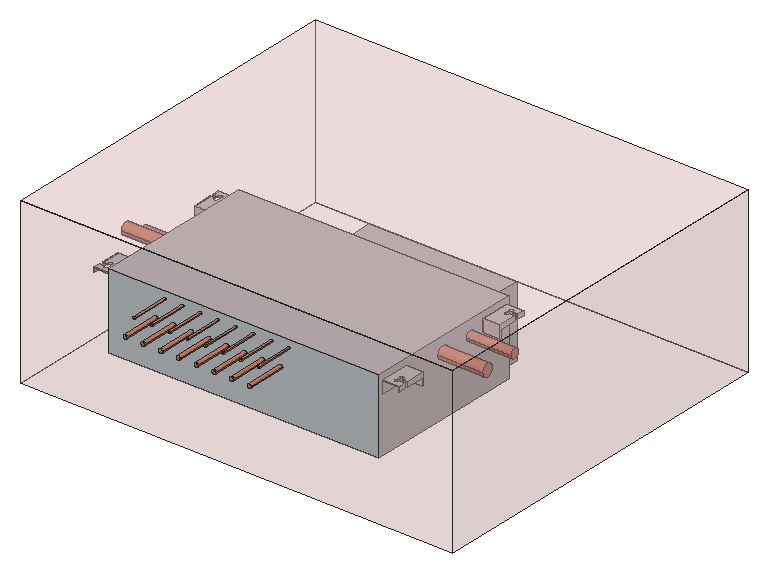
Revit family "CMB-M108V-JA1(-TR)", category 機械設備, Revit 2016
Family settings
  ホスト = 天井
  パーツ タイプ = 標準
  丸型コネクタ寸法 = 半径を使用
  OmniClass 番号 = 23.75.00.00
  OmniClass タイトル = Climate Control (HVAC)
  常に垂直 = はい
  ロード時にボイドで切り取り = いいえ
  共有 = いいえ
  部屋の計算ポイント = いいえ
Parameters (values of type "CMB-M108V-JA1(-TR)_220V_50Hz")
  説明 = "BC controller"
  製造元 = "Mitsubishi Electric Corporation"
  モデル = "CMB-M108V-JA1(-TR)"
  Width = 911.00 mm
  WarrantyStart = ""
  Voltage = 220 V
  Unit Weight (kg) = 48
  URL = "http://www.mitsubishielectric.com/"
  TagNumber = 0
  Subcategory = "HVAC"
  Space View = yes
  Sound Pressure Level (Rated operation) (dB(A)) = "50"
  Sound Pressure Level (Defrost) (dB(A)) = 56
  Sound Power Level (Rated operation) (dB(A)) = "68"
  Sound Power Level (Defrost) (dB(A)) = 74
  SerialNumber = 0
  ReplacementYear = ""
  Phase = 1
  Number of branch = 8
  InstallationDate = ""
  Indoor unit capacity connectable to 1 branch = "Model P/M80 or smaller\r\n(Use optional joint pipe combining 2 branches when the total unit capacity exceeds P/M81.)"
  Hertz = 50 Hz
  Height = 252.00 mm
  Heating Power Input (kW) = 0.06
  Heating Current (A) = 0.28
  External Finish = "Galvanized steel plate\r\n(Lower part drain pan: Pre-coated galvanized sheets + powder coating)"
  Equip_description = ""
  Equip_No. = 0
  Equip_ID = ""
  Drain pipe_radius = 16.00 mm
  Description = ""
  Depth = 622.00 mm
  CreatedOn = ""
  CreatedBy = ""
  Cooling Power Input (kW) = 0.127
  Cooling Current (A) = 0.58
  Connection pipe of outdoor/heat source unit to P850 to P900 (Low pressure)_radius = 20.64 mm
  Connection pipe of outdoor/heat source unit to P850 to P900 (High pressure)_radius = 14.29 mm
  Connection pipe of outdoor/heat source unit to P700 to P800 (Low pressure)_radius = 17.465 mm
  Connection pipe of outdoor/heat source unit to P700 to P800 (High pressure)_radius = 14.29 mm
  Connection pipe of outdoor/heat source unit to P650 (Low pressure)_radius = 14.29 mm
  Connection pipe of outdoor/heat source unit to P650 (High pressure)_radius = 14.29 mm
  Connection pipe of outdoor/heat source unit to P600 (Low pressure) radius = "14.29 or 17.465"
  Connection pipe of outdoor/heat source unit to P600 (High pressure) radius = "11.1 or 14.29"
  Connection pipe of outdoor/heat source unit to P550 (Low pressure)_radius = 14.29 mm
  Connection pipe of outdoor/heat source unit to P550 (High pressure) radius = "11.1 or 14.29"
  Connection pipe of outdoor/heat source unit to P400 to P500 (Low pressure)_radius = 14.29 mm
  Connection pipe of outdoor/heat source unit to P400 to P500 (High pressure)_radius = 11.10 mm
  Connection pipe of outdoor/heat source unit to P350 (Low pressure)_radius = 14.29 mm
  Connection pipe of outdoor/heat source unit to P350 (High pressure) radius = "9.525 or 11.1"
  Connection pipe of outdoor/heat source unit to P250/P300 (Low pressure)_radius = 11.10 mm
  Connection pipe of outdoor/heat source unit to P250/P300 (High pressure)_radius = 9.525 mm
  Connection pipe of outdoor/heat source unit to P200/M200 (Low pressure)_radius = 9.525 mm
  Connection pipe of outdoor/heat source unit to P200/M200 (High pressure)_radius = 7.94 mm
  Connection pipe of outdoor/heat source unit to M250/M300 (Low pressure)_radius = 11.10 mm
  Connection pipe of outdoor/heat source unit to M250/M300 (High pressure)_radius = 7.94 mm
  Connection pipe of other BC controller to P801 to P1000 (Low pressure Pipe)_radius = 20.64 mm
  Connection pipe of other BC controller to P801 to P1000 (Liquid Pipe)_radius = 9.525 mm
  Connection pipe of other BC controller to P801 to P1000 (High pressure Pipe)_radius = 14.29 mm
  Connection pipe of other BC controller to P651 to P800 (Low pressure Pipe)_radius = 17.465 mm
  Connection pipe of other BC controller to P651 to P800 (Liquid Pipe)_radius = 9.525 mm
  Connection pipe of other BC controller to P651 to P800 (High pressure Pipe)_radius = 14.29 mm
  Connection pipe of other BC controller to P601 to P650 (Low pressure Pipe)_radius = 14.29 mm
  Connection pipe of other BC controller to P601 to P650 (Liquid Pipe)_radius = 7.94 mm
  Connection pipe of other BC controller to P601 to P650 (High pressure Pipe)_radius = 14.29 mm
  Connection pipe of other BC controller to P401 to P600 (Low pressure Pipe)_radius = 14.29 mm
  Connection pipe of other BC controller to P401 to P600 (Liquid Pipe)_radius = 7.94 mm
  Connection pipe of other BC controller to P401 to P600 (High pressure Pipe)_radius = 11.10 mm
  Connection pipe of other BC controller to P351 to P400 (Low pressure Pipe)_radius = 14.29 mm
  Connection pipe of other BC controller to P351 to P400 (Liquid Pipe)_radius = 6.35 mm
  Connection pipe of other BC controller to P351 to P400 (High pressure Pipe)_radius = 11.10 mm
  Connection pipe of other BC controller to P301 to P350 (Low pressure Pipe)_radius = 14.29 mm
  Connection pipe of other BC controller to P301 to P350 (Liquid Pipe)_radius = 6.35 mm
  Connection pipe of other BC controller to P301 to P350 (High pressure Pipe)_radius = 9.525 mm
  Connection pipe of other BC controller to P201 to P300 (Low pressure Pipe)_radius = 11.10 mm
  Connection pipe of other BC controller to P201 to P300 (Liquid Pipe)_radius = 4.76 mm
  Connection pipe of other BC controller to P201 to P300 (High pressure Pipe)_radius = 9.525 mm
  Connection pipe of other BC controller to P200/M200 (Low pressure Pipe)_radius = 9.525 mm
  Connection pipe of other BC controller to P200/M200 (Liquid Pipe)_radius = 4.76 mm
  Connection pipe of other BC controller to P200/M200 (High pressure Pipe)_radius = 7.94 mm
  Connection pipe of other BC controller to P1001 ot above (High pressure Pipe)_radius = 17.465 mm
  Connection pipe of other BC controller to P1001 or above (Low pressure Pipe)_radius = 20.64 mm
  Connection pipe of other BC controller to P1001 or above (Liquid Pipe)_radius = 9.525 mm
  Connection pipe of other BC controller to M401 to M450 (Low pressure Pipe)_radius = 14.29 mm
  Connection pipe of other BC controller to M401 to M450 (Liquid Pipe)_radius = 7.94 mm
  Connection pipe of other BC controller to M401 to M450 (High pressure Pipe)_radius = 9.525 mm
  Connection pipe of other BC controller to M351 to M400 (Low pressure Pipe)_radius = 14.29 mm
  Connection pipe of other BC controller to M351 to M400 (Liquid Pipe)_radius = 6.35 mm
  Connection pipe of other BC controller to M351 to M400 (High pressure Pipe)_radius = 9.525 mm
  Connection pipe of other BC controller to M301 to M350 (Low pressure Pipe)_radius = 14.29 mm
  Connection pipe of other BC controller to M301 to M350 (Liquid Pipe)_radius = 6.35 mm
  Connection pipe of other BC controller to M301 to M350 (High pressure Pipe)_radius = 7.94 mm
  Connection pipe of other BC controller to M201 to M300 (Low pressure Pipe)_radius = 11.10 mm
  Connection pipe of other BC controller to M201 to M300 (Liquid Pipe)_radius = 4.76 mm
  Connection pipe of other BC controller to M201 to M300 (High pressure Pipe)_radius = 7.94 mm
  Connection pipe of indoor unit (Liquid Pipe)_radius (O.D.) = "Indoor unit Model 50 or smaller 3.175 Brazed\r\nbigger than 50 4.76 Brazed"
  Connection pipe of indoor unit (Gas Pipe)_radius (O.D.) = "Indoor unit Model 50 or smaller 6.35 Brazed\r\nbigger than 50 7.94 Brazed\r\n(9.525, 11.1 with optional joint pipe used.)"
  Connectable Outdoor/Heat source Unit Capacity = "P200 to P900/M200 to M300"
  Category = ""
  Barcode = ""
  AssetIdentifier = ""
Types (6, lengths in mm): name | Voltage | Hertz | Heating Power Input (kW) | Heating Current (A) | Cooling Power Input (kW) | Cooling Current (A)
  CMB-M108V-JA1(-TR)_220V_50Hz | 220 V | 50 Hz | 0.06 | 0.28 | 0.127 | 0.58
  CMB-M108V-JA1(-TR)_220V_60Hz | 220 V | 60 Hz | 0.048 | 0.22 | 0.102 | 0.47
  CMB-M108V-JA1(-TR)_230V_50Hz | 230 V | 50 Hz | 0.068 | 0.3 | 0.144 | 0.63
  CMB-M108V-JA1(-TR)_230V_60Hz | 230 V | 60 Hz | 0.054 | 0.24 | 0.115 | 0.5
  CMB-M108V-JA1(-TR)_240V_50Hz | 240 V | 50 Hz | 0.076 | 0.32 | 0.161 | 0.68
  CMB-M108V-JA1(-TR)_240V_60Hz | 240 V | 60 Hz | 0.06 | 0.25 | 0.127 | 0.53
Reference planes
  plane 1 "Center (Front/Back)": y = 0
  plane 2: z = 0
  plane 3 "Center (Left/Right)": x = 0
  plane 4 "Ceiling": z = 0
  plane 5: x = 18.001
  plane 6: x = -1461.999
  plane 7: y = -271.474
  plane 8: y = 272.5
  plane 9: y = -272.5
  plane 10: z = 452.005
  plane 11: z = 200.005
  plane 12: x = -455.5
  plane 13: x = 455.5
  plane 14 "attachment": z = 430.005
Forms (mm)
  Extrusion 1, solid, material "Plated steel"
    sketch origin (-719.999, 26, 4154.985) x (-1, 0, 0) y (0, -1, 0)
      loop
        line (-1175.499, 298.5) -> (-1175.499, -246.5) -> (-264.499, -246.5) -> (-264.499, 298.5) -> (-1175.499, 298.5)
    from -3954.98 to -3702.98
  Extrusion 2, solid, material "Plated steel"
    sketch origin (509.8, 1.043, 4125.43) x (-1, 0, 0) y (0, 0, 1)
      loop
        line (586.665, -3678.196) -> (88.3, -3678.196) -> (88.3, -3915.425) -> (586.665, -3915.425) -> (586.665, -3678.196)
    from 271.457 to 348.457
  Extrusion 3, solid, material "Copper"
    sketch origin (525.5, -272.5, 4151.796) x (-1, 0, 0) y (0, 0, -1)
      loop
        circle (793, 3724.791) r 3.175
    from 0 to 130
  Extrusion 4, solid, material "Copper"
    sketch origin (585.5, -272.5, 4151.796) x (-1, 0, 0) y (0, 0, -1)
      loop
        circle (793, 3724.791) r 3.175
    from 0 to 130
  Extrusion 5, solid, material "Copper"
    sketch origin (645.5, -272.5, 4151.796) x (-1, 0, 0) y (0, 0, -1)
      loop
        circle (793, 3724.791) r 3.175
    from 0 to 130
  Extrusion 6, solid, material "Copper"
    sketch origin (525.5, -272.5, 4151.796) x (-1, 0, 0) y (0, 0, -1)
      loop
        circle (823, 3792.791) r 6.35
    from 0 to 130
  Extrusion 7, solid, material "Copper"
    sketch origin (585.5, -272.5, 4151.796) x (-1, 0, 0) y (0, 0, -1)
      loop
        circle (823, 3792.791) r 6.35
    from 0 to 130
  Extrusion 8, solid, material "Copper"
    sketch origin (645.5, -272.5, 4151.796) x (-1, 0, 0) y (0, 0, -1)
      loop
        circle (823, 3792.791) r 6.35
    from 0 to 130
  Extrusion 9, solid, material "Copper"
    sketch origin (-455.5, 273, 4154.985) x (0, -1, 0) y (0, 0, 1)
      loop
        circle (281.5, -3749.98) r 19.05
    from 0 to 155
  Extrusion 10, solid, material "Copper"
    sketch origin (-455.5, 273, 4154.985) x (0, -1, 0) y (0, 0, 1)
      loop
        circle (203.5, -3793.98) r 17.465
    from 0 to 155
  Extrusion 11, solid
    sketch origin (-455.5, 273, 4154.985) x (0, -1, 0) y (0, 0, 1)
      loop
        circle (272.5, -3923.98) r 16
    from 0 to 20
  Extrusion 12, solid, material "Copper"
    sketch origin (455.5, 273, 4154.985) x (0, -1, 0) y (0, 0, -1)
      loop
        circle (281.5, 3749.98) r 19.05
    from 0 to 155
  Extrusion 13, solid, material "Copper"
    sketch origin (455.5, 273, 4154.985) x (0, -1, 0) y (0, 0, -1)
      loop
        circle (166.5, 3749.98) r 14.29
    from 0 to 155
  Extrusion 14, solid, material "Copper"
    sketch origin (455.5, 273, 4154.985) x (0, -1, 0) y (0, 0, -1)
      loop
        circle (220.5, 3799.98) r 9.525
    from 0 to 80
  Extrusion 15, solid, material "Service space", visible <- "Space View"
    sketch origin (-522.645, 0, 0) x (1, 0, 0) y (0, 1, 0)
      loop
        line (-232.855, -272.5) -> (1228.145, -272.5) -> (1228.145, 972.5) -> (-232.855, 972.5) -> (-232.855, -272.5)
    from 0 to 552
  Extrusion 16, solid, material "Copper"
    sketch origin (705.5, -272.5, 4151.796) x (-1, 0, 0) y (0, 0, -1)
      loop
        circle (793, 3724.791) r 3.175
    from 0 to 130
  Extrusion 17, solid, material "Copper"
    sketch origin (705.5, -272.5, 4151.796) x (-1, 0, 0) y (0, 0, -1)
      loop
        circle (823, 3792.791) r 6.35
    from 0 to 130
  Extrusion 18, solid, material "Copper"
    sketch origin (765.5, -272.5, 4151.796) x (-1, 0, 0) y (0, 0, -1)
      loop
        circle (793, 3724.791) r 3.175
    from 0 to 130
  Extrusion 19, solid, material "Copper"
    sketch origin (765.5, -272.5, 4151.796) x (-1, 0, 0) y (0, 0, -1)
      loop
        circle (823, 3792.791) r 6.35
    from 0 to 130
  Extrusion 20, solid, material "Copper"
    sketch origin (825.5, -272.5, 4151.796) x (-1, 0, 0) y (0, 0, -1)
      loop
        circle (793, 3724.791) r 3.175
    from 0 to 130
  Extrusion 21, solid, material "Copper"
    sketch origin (825.5, -272.5, 4151.796) x (-1, 0, 0) y (0, 0, -1)
      loop
        circle (823, 3792.791) r 6.35
    from 0 to 130
  Extrusion 22, solid, material "Copper"
    sketch origin (885.5, -272.5, 4151.796) x (-1, 0, 0) y (0, 0, -1)
      loop
        circle (793, 3724.791) r 3.175
    from 0 to 130
  Extrusion 23, solid, material "Copper"
    sketch origin (885.5, -272.5, 4151.796) x (-1, 0, 0) y (0, 0, -1)
      loop
        circle (823, 3792.791) r 6.35
    from 0 to 130
  Extrusion 24, solid, material "Copper"
    sketch origin (945.5, -272.5, 4151.796) x (-1, 0, 0) y (0, 0, -1)
      loop
        circle (793, 3724.791) r 3.175
    from 0 to 130
  Extrusion 25, solid, material "Copper"
    sketch origin (945.5, -272.5, 4151.796) x (-1, 0, 0) y (0, 0, -1)
      loop
        circle (823, 3792.791) r 6.35
    from 0 to 130
Lines and regions (mm)
  model lines, visible <- "Space View"
    curve 1: line (224.5, 972.5, 0) -> (-225.5, 972.5, 0)
    curve 2: line (224.5, 522.5, 0) -> (224.5, 972.5, 0)
    curve 3: line (-225.5, 522.5, 0) -> (224.5, 522.5, 0)
    curve 4: line (-225.5, 972.5, 0) -> (-225.5, 522.5, 0)
    curve 5: line (-225.5, 522.5, 0) -> (224.5, 972.5, 0)
    curve 6: line (224.5, 522.5, 0) -> (-225.5, 972.5, 0)
Dimensions and locks
  equal spacing: host sketch curve, plane 3 "Center (Left/Right)", host sketch curve
  equal spacing: host sketch curve, plane 1 "Center (Front/Back)", host sketch curve
  host sketch curve to host sketch curve = 4000.00 mm  (x2)
  locked: plane 4 "Ceiling" to host ceiling at 0
  Extrusion 1 sketch curve to Extrusion 1 sketch curve = 911.00 mm  (x2)
  Extrusion 1 sketch curve to Extrusion 1 sketch curve = 545.00 mm
  locked: Extrusion 2 to Extrusion 2 at 77
  Extrusion 1 to Extrusion 3 sketch curve = 188.00 mm
  Extrusion 1 to Extrusion 6 sketch curve = 158.00 mm
  Extrusion 9 sketch curve to Extrusion 1 = 264.00 mm
  Extrusion 1 to Extrusion 9 sketch curve = 47.00 mm
  Extrusion 10 sketch curve to Extrusion 1 = 342.00 mm
  Extrusion 1 to Extrusion 10 sketch curve = 91.00 mm
  Extrusion 11 sketch curve to Extrusion 1 = 273.00 mm
  Extrusion 1 to Extrusion 1 = 252.00 mm  (x2)
  Extrusion 1 to level = 200.005 mm
  Extrusion 1 to Extrusion 11 = 221.00 mm
  Extrusion 1 to Extrusion 11 sketch curve = 221.00 mm
  Extrusion 1 to Extrusion 10 = 91.00 mm
  equal spacing: Extrusion 1, plane 3 "Center (Left/Right)", Extrusion 1
  "Width": Extrusion 1 to Extrusion 1
  curve 4 to curve 2 = 450.00 mm
  Extrusion 1 to curve 3 = 250.00 mm
  locked: nested 1 to nested 2 at 463
  locked: Extrusion 1 to Extrusion 1 at 545
  equal spacing: Extrusion 1, plane 1 "Center (Front/Back)", Extrusion 1
  plane 14 "attachment" to Extrusion 1 = 22.00 mm
  curve 3 to Extrusion 1 = 250.00 mm
  curve 3 to curve 1 = 450.00 mm
  nested 4 to nested 2 = 983.00 mm
  Extrusion 1 to Extrusion 12 sketch curve = 264.00 mm
  Extrusion 1 to Extrusion 12 sketch curve = 47.00 mm
  Extrusion 1 to Extrusion 13 sketch curve = 379.00 mm
  Extrusion 1 to Extrusion 13 sketch curve = 47.00 mm
  Extrusion 1 to Extrusion 14 sketch curve = 325.00 mm
  Extrusion 1 to Extrusion 14 sketch curve = 97.00 mm
  locked: Extrusion 1 to Extrusion 15 at 250
  Extrusion 15 to Extrusion 1 = 300.00 mm
  Extrusion 15 sketch curve to Extrusion 1 = 300.00 mm
  Extrusion 15 sketch curve to Extrusion 1 = 700.00 mm
  Extrusion 15 to Extrusion 1 = 700.00 mm
  curve 2 to Extrusion 1 = 231.00 mm
  Extrusion 1 to Extrusion 15 = 250.00 mm
  equal spacing: group 1, group 2, group 3, group 4, group 5, group 6  (x3)
  diameter of Extrusion 3 sketch curve = 6.35 mm
  diameter of Extrusion 4 sketch curve = 6.35 mm
  diameter of Extrusion 5 sketch curve = 6.35 mm
  diameter of Extrusion 6 sketch curve = 12.70 mm
  diameter of Extrusion 7 sketch curve = 12.70 mm
  diameter of Extrusion 8 sketch curve = 12.70 mm
  diameter of Extrusion 9 sketch curve = 38.10 mm
  diameter of Extrusion 10 sketch curve = 34.93 mm
  diameter of Extrusion 11 sketch curve = 32.00 mm
  diameter of Extrusion 9 = 38.10 mm
  diameter of Extrusion 10 = 34.93 mm
  diameter of Extrusion 11 = 32.00 mm
  diameter of Extrusion 16 sketch curve = 6.35 mm
  diameter of Extrusion 17 sketch curve = 12.70 mm
  diameter of Extrusion 18 sketch curve = 6.35 mm
  diameter of Extrusion 19 sketch curve = 12.70 mm
  diameter of Extrusion 20 sketch curve = 6.35 mm
  diameter of Extrusion 21 sketch curve = 12.70 mm
  diameter of Extrusion 22 sketch curve = 6.35 mm
  diameter of Extrusion 23 sketch curve = 12.70 mm
  diameter of Extrusion 24 sketch curve = 6.35 mm
  diameter of Extrusion 25 sketch curve = 12.70 mm
  aligned and locked: Extrusion 2 to Extrusion 1
  aligned and locked: plane 14 "attachment" to nested 1
  aligned and locked: nested 2 to plane 14 "attachment"
Automatic sketch dimensions
  plane 9 to Extrusion 1 sketch curve = 0.00 mm
  plane 10 to Extrusion 2 sketch curve = 4.77 mm
  Extrusion 2 sketch curve to plane 11 = 10.00 mm
  Extrusion 1 to Extrusion 3 sketch curve = 25.00 mm
  Extrusion 1 to Extrusion 4 sketch curve = 25.00 mm
  Extrusion 4 sketch curve to Extrusion 1 = 248.00 mm
  Extrusion 1 to Extrusion 6 sketch curve = 93.00 mm
  Extrusion 7 sketch curve to Extrusion 1 = 218.00 mm
  Extrusion 1 to Extrusion 7 sketch curve = 93.00 mm
  Extrusion 2 sketch curve to plane 3 "Center (Left/Right)" = 76.865 mm
  plane 5 to Extrusion 1 sketch curve = 437.499 mm
  plane 3 "Center (Left/Right)" to Extrusion 2 sketch curve = 421.50 mm
  curve 3 to plane 8 = 250.00 mm
  plane 9 to Extrusion 15 sketch curve = 0.00 mm
  plane 13 to Extrusion 15 sketch curve = 250.00 mm
  radius of Extrusion 12 sketch curve = 19.05 mm
  radius of Extrusion 13 sketch curve = 14.29 mm
  radius of Extrusion 14 sketch curve = 9.525 mm
Nested families
  nested 1: "LEG" at (492.5, 231.5, 432.305) x (0, 1, 0) z (0, 0, 1), type "LEG"
  nested 2: "LEG" at (492.5, -231.5, 432.305) x (0, -1, 0) z (0, 0, 1), type "LEG"
  nested 3: "LEG" at (-492.5, 231.5, 432.305) x (0, 1, 0) z (0, 0, 1), type "LEG"
  nested 4: "LEG" at (-492.5, -231.5, 432.305) x (0, -1, 0) z (0, 0, 1), type "LEG"
Connectors
  piping at (-267.5, -402.5, 427.005), diameter 6.36
    settings: on Extrusion 3, index 1, connector inside diameter 609.6 mm, connector length 0.00 mm, flow factor 0, pipe flow 0.0 L/s, pressure drop 0.0 Pa, fitting loss kfactor 0, connector angle 0.00°, fixture units 0, engagement length 0.00 mm, angle of deflection 0.00°, flow configuration 0, flow direction 0, fitting loss method 0, system type 22, joint type 0, gender type 0, connector reference index -1, connector utility 0, adjustable connector no, is connector primary yes, connector description "indoor unit (Liquid)"
  piping at (-207.5, -402.5, 427.005), diameter 6.36
    settings: on Extrusion 4, index 2, connector inside diameter 609.6 mm, connector length 0.00 mm, flow factor 0, pipe flow 0.0 L/s, pressure drop 0.0 Pa, fitting loss kfactor 0, connector angle 0.00°, fixture units 0, engagement length 0.00 mm, angle of deflection 0.00°, flow configuration 0, flow direction 0, fitting loss method 0, system type 22, joint type 0, gender type 0, connector reference index -1, connector utility 0, adjustable connector no, is connector primary no, connector description "indoor unit (Liquid)"
  piping at (-147.5, -402.5, 427.005), diameter 6.36
    settings: on Extrusion 5, index 3, connector inside diameter 609.6 mm, connector length 0.00 mm, flow factor 0, pipe flow 0.0 L/s, pressure drop 0.0 Pa, fitting loss kfactor 0, connector angle 0.00°, fixture units 0, engagement length 0.00 mm, angle of deflection 0.00°, flow configuration 0, flow direction 0, fitting loss method 0, system type 22, joint type 0, gender type 0, connector reference index -1, connector utility 0, adjustable connector no, is connector primary no, connector description "indoor unit (Liquid)"
  piping at (-297.5, -402.5, 359.005), diameter 12.7
    settings: on Extrusion 6, index 9, connector inside diameter 609.6 mm, connector length 0.00 mm, flow factor 0, pipe flow 0.0 L/s, pressure drop 0.0 Pa, fitting loss kfactor 0, connector angle 0.00°, fixture units 0, engagement length 0.00 mm, angle of deflection 0.00°, flow configuration 0, flow direction 0, fitting loss method 0, system type 22, joint type 0, gender type 0, connector reference index -1, connector utility 0, adjustable connector no, is connector primary no, connector description "indoor unit (Gas)"
  piping at (-237.5, -402.5, 359.005), diameter 12.7
    settings: on Extrusion 7, index 10, connector inside diameter 609.6 mm, connector length 0.00 mm, flow factor 0, pipe flow 0.0 L/s, pressure drop 0.0 Pa, fitting loss kfactor 0, connector angle 0.00°, fixture units 0, engagement length 0.00 mm, angle of deflection 0.00°, flow configuration 0, flow direction 0, fitting loss method 0, system type 22, joint type 0, gender type 0, connector reference index -1, connector utility 0, adjustable connector no, is connector primary no, connector description "indoor unit (Gas)"
  piping at (-177.5, -402.5, 359.005), diameter 12.7
    settings: on Extrusion 8, index 11, connector inside diameter 609.6 mm, connector length 0.00 mm, flow factor 0, pipe flow 0.0 L/s, pressure drop 0.0 Pa, fitting loss kfactor 0, connector angle 0.00°, fixture units 0, engagement length 0.00 mm, angle of deflection 0.00°, flow configuration 0, flow direction 0, fitting loss method 0, system type 22, joint type 0, gender type 0, connector reference index -1, connector utility 0, adjustable connector no, is connector primary no, connector description "indoor unit (Gas)"
  piping at (-610.5, -8.5, 405.005), diameter 38.1
    settings: on Extrusion 9, index 17, connector inside diameter 609.6 mm, connector length 0.00 mm, flow factor 0, pipe flow 0.0 L/s, pressure drop 0.0 Pa, fitting loss kfactor 0, connector angle 0.00°, fixture units 0, engagement length 0.00 mm, angle of deflection 0.00°, flow configuration 0, flow direction 0, fitting loss method 0, system type 22, joint type 0, gender type 0, connector reference index -1, connector utility 0, adjustable connector no, is connector primary no, connector description "outdoor unit(Low pressure)"
  piping at (-610.5, 69.5, 361.005), diameter 34.94
    settings: on Extrusion 10, index 19, connector inside diameter 609.6 mm, connector length 0.00 mm, flow factor 0, pipe flow 0.0 L/s, pressure drop 0.0 Pa, fitting loss kfactor 0, connector angle 0.00°, fixture units 0, engagement length 0.00 mm, angle of deflection 0.00°, flow configuration 0, flow direction 0, fitting loss method 0, system type 22, joint type 0, gender type 0, connector reference index -1, connector utility 0, adjustable connector no, is connector primary no, connector description "outdoor unit(High pressure)"
  piping at (-475.5, 0.5, 231.005), diameter 32
    settings: on Extrusion 11, index 20, connector inside diameter 609.6 mm, connector length 0.00 mm, flow factor 0, pipe flow 0.0 L/s, pressure drop 0.0 Pa, fitting loss kfactor 0, connector angle 0.00°, fixture units 0, engagement length 0.00 mm, angle of deflection 0.00°, flow configuration 0, flow direction 2, fitting loss method 0, system type 22, joint type 0, gender type 0, connector reference index -1, connector utility 0, adjustable connector no, is connector primary no, connector description "Drain"
  electrical at (421.5, 311, 328.62), driven by "Phase", driven by "Voltage"
    settings: on Extrusion 2, index 21, voltage 220 V, apparent load 0 VA, apparent load phase1 0 VA, apparent load phase2 0 VA, apparent load phase3 0 VA, power factor 1, load classification "その他", number of poles 1, system type 30, power factor state 1, is connector primary yes, connector utility no, sub classification motor no, connector description ""
  piping at (610.5, -8.5, 405.005), diameter 38.1
    settings: on Extrusion 12, index 47, connector inside diameter 609.6 mm, connector length 0.00 mm, flow factor 0, pipe flow 0.0 L/s, pressure drop 0.0 Pa, fitting loss kfactor 0, connector angle 0.00°, fixture units 0, engagement length 0.00 mm, angle of deflection 0.00°, flow configuration 0, flow direction 0, fitting loss method 0, system type 22, joint type 0, gender type 0, connector reference index -1, connector utility 0, adjustable connector no, is connector primary no, connector description "SUB BC CONTROLLER(Low pressure)"
  piping at (610.5, 106.5, 405.005), diameter 28.58
    settings: on Extrusion 13, index 48, connector inside diameter 609.6 mm, connector length 0.00 mm, flow factor 0, pipe flow 0.0 L/s, pressure drop 0.0 Pa, fitting loss kfactor 0, connector angle 0.00°, fixture units 0, engagement length 0.00 mm, angle of deflection 0.00°, flow configuration 0, flow direction 0, fitting loss method 0, system type 22, joint type 0, gender type 0, connector reference index -1, connector utility 0, adjustable connector no, is connector primary no, connector description "SUB BC CONTROLLER(High pressure)"
  piping at (535.5, 52.5, 355.005), diameter 19.06
    settings: on Extrusion 14, index 49, connector inside diameter 609.6 mm, connector length 0.00 mm, flow factor 0, pipe flow 0.0 L/s, pressure drop 0.0 Pa, fitting loss kfactor 0, connector angle 0.00°, fixture units 0, engagement length 0.00 mm, angle of deflection 0.00°, flow configuration 0, flow direction 0, fitting loss method 0, system type 22, joint type 0, gender type 0, connector reference index -1, connector utility 0, adjustable connector no, is connector primary no, connector description "SUB BC CONTROLLER(Liquid)"
  piping at (-87.5, -402.5, 427.005), diameter 6.36
    settings: on Extrusion 16, index 50, connector inside diameter 609.6 mm, connector length 0.00 mm, flow factor 0, pipe flow 0.0 L/s, pressure drop 0.0 Pa, fitting loss kfactor 0, connector angle 0.00°, fixture units 0, engagement length 0.00 mm, angle of deflection 0.00°, flow configuration 0, flow direction 0, fitting loss method 0, system type 22, joint type 0, gender type 0, connector reference index -1, connector utility 0, adjustable connector no, is connector primary no, connector description "indoor unit (Liquid)"
  piping at (-27.5, -402.5, 427.005), diameter 6.36
    settings: on Extrusion 18, index 51, connector inside diameter 609.6 mm, connector length 0.00 mm, flow factor 0, pipe flow 0.0 L/s, pressure drop 0.0 Pa, fitting loss kfactor 0, connector angle 0.00°, fixture units 0, engagement length 0.00 mm, angle of deflection 0.00°, flow configuration 0, flow direction 0, fitting loss method 0, system type 22, joint type 0, gender type 0, connector reference index -1, connector utility 0, adjustable connector no, is connector primary no, connector description "indoor unit (Liquid)"
  piping at (32.5, -402.5, 427.005), diameter 6.36
    settings: on Extrusion 20, index 52, connector inside diameter 609.6 mm, connector length 0.00 mm, flow factor 0, pipe flow 0.0 L/s, pressure drop 0.0 Pa, fitting loss kfactor 0, connector angle 0.00°, fixture units 0, engagement length 0.00 mm, angle of deflection 0.00°, flow configuration 0, flow direction 0, fitting loss method 0, system type 22, joint type 0, gender type 0, connector reference index -1, connector utility 0, adjustable connector no, is connector primary no, connector description "indoor unit (Liquid)"
  piping at (92.5, -402.5, 427.005), diameter 6.36
    settings: on Extrusion 22, index 53, connector inside diameter 609.6 mm, connector length 0.00 mm, flow factor 0, pipe flow 0.0 L/s, pressure drop 0.0 Pa, fitting loss kfactor 0, connector angle 0.00°, fixture units 0, engagement length 0.00 mm, angle of deflection 0.00°, flow configuration 0, flow direction 0, fitting loss method 0, system type 22, joint type 0, gender type 0, connector reference index -1, connector utility 0, adjustable connector no, is connector primary no, connector description "indoor unit (Liquid)"
  piping at (152.5, -402.5, 427.005), diameter 6.36
    settings: on Extrusion 24, index 54, connector inside diameter 609.6 mm, connector length 0.00 mm, flow factor 0, pipe flow 0.0 L/s, pressure drop 0.0 Pa, fitting loss kfactor 0, connector angle 0.00°, fixture units 0, engagement length 0.00 mm, angle of deflection 0.00°, flow configuration 0, flow direction 0, fitting loss method 0, system type 22, joint type 0, gender type 0, connector reference index -1, connector utility 0, adjustable connector no, is connector primary no, connector description "indoor unit (Liquid)"
  piping at (-117.5, -402.5, 359.005), diameter 12.7
    settings: on Extrusion 17, index 55, connector inside diameter 609.6 mm, connector length 0.00 mm, flow factor 0, pipe flow 0.0 L/s, pressure drop 0.0 Pa, fitting loss kfactor 0, connector angle 0.00°, fixture units 0, engagement length 0.00 mm, angle of deflection 0.00°, flow configuration 0, flow direction 0, fitting loss method 0, system type 22, joint type 0, gender type 0, connector reference index -1, connector utility 0, adjustable connector no, is connector primary no, connector description "indoor unit (Gas)"
  piping at (-57.5, -402.5, 359.005), diameter 12.7
    settings: on Extrusion 19, index 56, connector inside diameter 609.6 mm, connector length 0.00 mm, flow factor 0, pipe flow 0.0 L/s, pressure drop 0.0 Pa, fitting loss kfactor 0, connector angle 0.00°, fixture units 0, engagement length 0.00 mm, angle of deflection 0.00°, flow configuration 0, flow direction 0, fitting loss method 0, system type 22, joint type 0, gender type 0, connector reference index -1, connector utility 0, adjustable connector no, is connector primary no, connector description "indoor unit (Gas)"
  piping at (2.5, -402.5, 359.005), diameter 12.7
    settings: on Extrusion 21, index 57, connector inside diameter 609.6 mm, connector length 0.00 mm, flow factor 0, pipe flow 0.0 L/s, pressure drop 0.0 Pa, fitting loss kfactor 0, connector angle 0.00°, fixture units 0, engagement length 0.00 mm, angle of deflection 0.00°, flow configuration 0, flow direction 0, fitting loss method 0, system type 22, joint type 0, gender type 0, connector reference index -1, connector utility 0, adjustable connector no, is connector primary no, connector description "indoor unit (Gas)"
  piping at (62.5, -402.5, 359.005), diameter 12.7
    settings: on Extrusion 23, index 58, connector inside diameter 609.6 mm, connector length 0.00 mm, flow factor 0, pipe flow 0.0 L/s, pressure drop 0.0 Pa, fitting loss kfactor 0, connector angle 0.00°, fixture units 0, engagement length 0.00 mm, angle of deflection 0.00°, flow configuration 0, flow direction 0, fitting loss method 0, system type 22, joint type 0, gender type 0, connector reference index -1, connector utility 0, adjustable connector no, is connector primary no, connector description "indoor unit (Gas)"
  piping at (122.5, -402.5, 359.005), diameter 12.7
    settings: on Extrusion 25, index 59, connector inside diameter 609.6 mm, connector length 0.00 mm, flow factor 0, pipe flow 0.0 L/s, pressure drop 0.0 Pa, fitting loss kfactor 0, connector angle 0.00°, fixture units 0, engagement length 0.00 mm, angle of deflection 0.00°, flow configuration 0, flow direction 0, fitting loss method 0, system type 22, joint type 0, gender type 0, connector reference index -1, connector utility 0, adjustable connector no, is connector primary no, connector description "indoor unit (Gas)"
Definition of nested family "LEG"
  Parameters (values of type "LEG_28")
    product distance = 28.00 mm
  Types (2): name
    LEG_28
    Leg
  Reference planes
    plane 1: z = 0
    plane 2 "中心(左/右)": x = 0
    plane 3: x = 30
    plane 4: y = -23
    plane 5: y = 28
    plane 6: x = -8
    plane 7: x = 8
    plane 8: x = -6
    plane 9: x = 6
    plane 10: y = 37
    plane 11: y = 35
    plane 12: y = 1
  Forms (mm)
    Extrusion 1, solid
      sketch origin (0, 0, 0) x (1, 0, 0) y (0, 1, 0)
        loop
          line (-69.369, 37) -> (-69.369, -23) -> (30, -23) -> (30, 37) -> (-69.369, 37)
      from 0 to -41
    Extrusion 2, void
      sketch origin (0, 0, 0) x (0, 1, 0) y (0, 0, 1)
        loop
          line (-20.7, -2.3) -> (-20.7, -15) -> (-23, -15) -> (-23, -60) -> (35, -60) -> (35, -2.3) -> (-20.7, -2.3)
      from -67.197 to 30
    Extrusion 3, void
      sketch origin (0, 0, 0) x (1, 0, 0) y (0, 1, 0)
        loop
          arc (-8, 8) -> (-15, 1) -> (-8, -6) r 7
          line (-8, -6) -> (-6, -6) -> (-6, -23) -> (6, -23) -> (6, -6) -> (8, -6)
          arc (8, -6) -> (15, 1) -> (8, 8) r 7
          line (8, 8) -> (-8, 8)
      from 0 to -60
  Cuts and joins
    Extrusion 2, Extrusion 3 cuts Extrusion 1
  Dimensions and locks
    Extrusion 1 sketch curve to Extrusion 1 sketch curve = 99.369 mm
    Extrusion 1 sketch curve to plane 2 "中心(左/右)" to Extrusion 1 sketch curve = 69.369 mm, 30.00 mm
    Extrusion 2 sketch curve to plane 5 = 7.00 mm
    locked: cut or joined group of Extrusion 1, Extrusion 2, Extrusion 3 to cut or joined group of Extrusion 1, Extrusion 2, Extrusion 3 at 2.3  (x2)
    plane 2 "中心(左/右)" to cut or joined group of Extrusion 1, Extrusion 2, Extrusion 3 = 30.00 mm
    aligned and locked: level to plane 1
